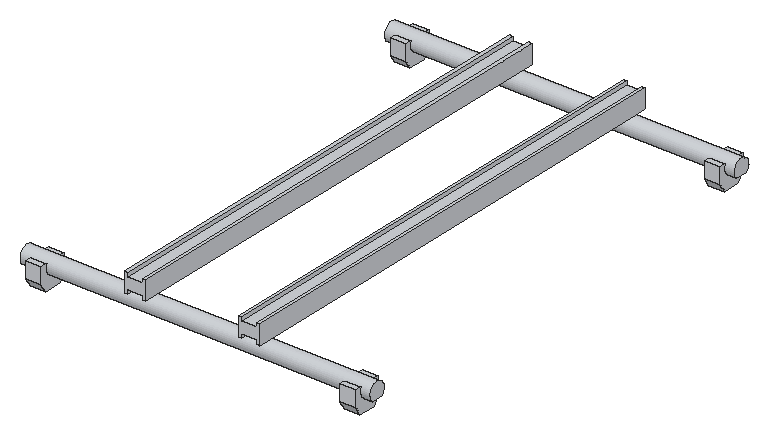
Revit family "Monkey Toe Condenser Mounts (Standard Non-Adustable)", category Mechanical Equipment, host Roof, Revit 2015
Parameters (values of type "Single Condenser Mount")
  URL = "http://www.monkeytoe.co.nz/products/condenser-mounts"
  Model = "CS003H SINGLE CONDENSER MOUNT NON-ADJUSTABLE TO SUIT A CONDENSER UNIT OF UP TO 150KG"
  Manufacturer = "Monkey Toe Systems Limited"  # constant formula
  Length Calcs 2 [instance] = (roundup(((Length Calcs / 1 mm) - 1200) / 1200) * 1200) + 1200  # 1200
  Toe Spacing Array [instance] = if(Toe Spacing Logic < 2 mm, 2 mm, Toe Spacing Logic) / 1 mm  # 2
  Toe Spacing Logic [instance] = roundup(Length Final / Toe Spacing) * 1 mm  # 1 mm
  Toe Spacing = 1200 mm  # constant formula
  Number of Mounts [instance] = 2
  Top Rail Spacing [instance] = 300 mm
  Perlin Spacing [instance] = 1200 mm
  Top Rail Offset [instance] = ((Top Rail Spacing * Number of Mounts) / 2) - (Top Rail Spacing / 2)  # 150 mm
  Length Final [instance] = if(Length Calcs > 1200 mm, Length Calcs 2 * 1 mm, Length Calcs)  # 922 mm
  Length Calcs [instance] = if(Length < 1200 mm, 922 mm, Length)  # 922 mm
  Length [instance] = 966 mm
  Toe Offset = 47 mm  # constant formula
  Strut Vertical Offset [instance] = (Slope Calculation Horizontal + 10 mm) - Vector1 Vertical  # -27 mm
  Roof Thickness [instance] = 219 mm
  Vector1 Horizontal [instance] = sin(Roof Angle) * 37 mm  # 0 mm
  Vector1 Vertical [instance] = cos(Roof Angle) * 37 mm  # 37 mm
  Vector2 Vertical [instance] = cos(Roof Angle) * 18 mm  # 18 mm
  Vector2 Horizontal [instance] = sin(Roof Angle) * 18 mm  # 0 mm
  Roof Offset Calculation [instance] = Roof Thickness / cos(Roof Angle)  # 219 mm
  Slope Calculation Vertical [instance] = cos(Roof Angle) * Rail Length  # 1200 mm
  Slope Calculation Horizontal [instance] = cos(90.00° - Roof Angle) * Rail Length  # 0 mm
  Rail Length [instance] = if(Perlin Spacing > 2500 mm, 2500 mm, Perlin Spacing)  # 1200 mm
  Half Length [instance] = Length Final / 2  # 461 mm
  Edge Offset = 120 mm  # constant formula
  Roof Angle [instance] = 0.00°  # constant formula
Types (2, lengths in mm): name | Model | Length Calcs 2 | Toe Spacing Array | Toe Spacing Logic | Number of Mounts | Top Rail Spacing | Top Rail Offset | Length Final | Length Calcs | Length | Half Length
  Single Condenser Mount | "CS003H SINGLE CONDENSER MOUNT NON-ADJUSTABLE TO SUIT A CONDENSER UNIT OF UP TO 150KG" | 1200 | 2 | 1 | 2 | 300 | 150 | 922 | 922 | 966 | 461
  Stepped Condenser Mount | "CS004H BANKED CONDENSER MOUNT NON-ADJUSTABLE TO SUIT A CONDENSER UNIT OF UP TO 150KG" | 3600 | 3 | 3 | 5 | 700 | 1400 | 3600 | 3600 | 3600 | 1800
Reference planes
  plane 1 "Center (Front/Back)": y = 0
  plane 2 "Roof": z = 4474.087
  plane 3 "Center (Left/Right)": x = 1199
  plane 4: z = 4693.087
  plane 5: y = 1200
  plane 6: y = 0
  plane 7: y = 1200
  plane 8: z = 4730.087
  plane 9: x = 277
  plane 10: z = 4693.087
  plane 11: z = 4730.087
  plane 12: z = 4748.087
  plane 13: x = 1032
  plane 14: y = 0
  plane 15: z = 4858.87
  plane 16: y = 1200
  plane 17: z = 4748.087
  plane 18: x = 1152
  plane 19: x = 324
  plane 20: x = 7798.5
  plane 21: x = 6598.5
  plane 22: x = 738
  plane 23: x = 888
  plane 24: x = -1801
  plane 25: x = 588
  plane 26: z = 4771.087
Lines and regions (mm)
  reference lines
    curve 1: line (1152, 0, 4693.087) -> (1152, 0, 4858.87)
    curve 2: line (324, 0, 4858.87) -> (324, 0, 4693.087)
Dimensions and locks
  equal spacing: host sketch curve, plane 3 "Center (Left/Right)", host sketch curve
  equal spacing: host sketch curve, plane 1 "Center (Front/Back)", host sketch curve
  "Vector1 Horizontal": plane 6 to plane 1 "Center (Front/Back)"
  "Slope Calculation Vertical": plane 5 to plane 1 "Center (Front/Back)"
  "Vector1 Horizontal": plane 7 to plane 5
  "Vector1 Vertical": plane 8 to plane 4
  "Length Final": plane 3 "Center (Left/Right)" to plane 9
  "Vector1 Vertical": plane 11 to plane 10
  plane 10 to nested 2 = 37 mm
  "Roof Offset Calculation": plane 10 to plane 2 "Roof"
  nested 3 to plane 6 = 37 mm
  "Toe Offset": plane 18 to plane 3 "Center (Left/Right)"
  "Vector2 Horizontal": plane 14 to plane 6
  "Vector2 Vertical": plane 12 to plane 11
  "Vector2 Horizontal": plane 16 to plane 7
  "Vector2 Vertical": plane 17 to plane 8
  "Slope Calculation Horizontal": plane 10 to plane 4
  "Edge Offset": plane 13 to plane 18
  "Toe Offset": plane 9 to plane 19
  plane 18 to plane 19 = 828 mm
  "Perlin Spacing": plane 20 to plane 21
  group 3 to group 2 = 828 mm
  group 2 to group 3 = 0 mm  (x2)
  group 5 to group 4 = 828 mm
  group 4 to group 5 = 0 mm  (x2)
  "Half Length": plane 3 "Center (Left/Right)" to plane 22
  "Top Rail Offset": plane 22 to plane 23
  "Top Rail Spacing": plane 23 to plane 25
  group 7 to group 6 = 300 mm
  group 6 to group 7 = 0 mm  (x2)
  plane 26 to plane 10 = 78 mm
  aligned and locked: level to plane 2 "Roof"
  aligned and locked: nested 1 to plane 3 "Center (Left/Right)"
  aligned and locked: plane 7 to nested 1
  aligned and locked: nested 1 to plane 8
  aligned and locked: plane 1 "Center (Front/Back)" to nested 4
  aligned and locked: nested 4 to plane 18
  aligned and locked: nested 6 to plane 18
  aligned and locked: plane 10 to nested 4
  aligned and locked: plane 4 to nested 6
  aligned and locked: plane 5 to nested 6
  aligned and locked: plane 19 to curve 2
  aligned and locked: plane 4 to curve 2
  aligned and locked: plane 18 to curve 1
  aligned and locked: nested 2 to plane 3 "Center (Left/Right)"
  aligned and locked: plane 19 to nested 7
  aligned and locked: nested 4 to nested 7
  aligned and locked: nested 7 to plane 10
  aligned and locked: plane 19 to nested 8
  aligned and locked: nested 8 to nested 6
  aligned and locked: nested 6 to nested 8
  aligned and locked: plane 23 to nested 3
  aligned and locked: nested 2 to plane 11
  aligned and locked: plane 6 to nested 2
  aligned and locked: plane 25 to nested 9
Automatic sketch dimensions
  curve 1 to plane 15 = 0 mm
  curve 1 to plane 4 = 0 mm
  curve 2 to plane 15 = 0 mm
Nested families
  nested 1: "Family4" at (1199, 1200, 4730.087) x (0, -1, 0) z (0, 0, 1), type "Family4"
    with Length 922 mm, Angle 0.00°
  nested 2: "Family4" at (1199, 0, 4730.087) x (0, -1, 0) z (0, 0, 1), type "Family4"
    with Length 922 mm, Angle 0.00°
  nested 3: "Family5" at (860, 37, 4751.087), type "Family5"
  nested 4: "AC Block" at (1152, 0, 4693.087) x (0, -1, 0) z (0, 0, 1), type "AC Block"
    with Angle 0.00°
  nested 5: "AC Block" at (-515.294, 965.926, 4441.994) x (0, -1, 0) z (0, 0, 1), type "AC Block", not visible
    with Angle 0.00°
  nested 6: "AC Block" at (1152, 1200, 4693.087) x (0, -1, 0) z (0, 0, 1), type "AC Block"
    with Angle 0.00°
  nested 7: "AC Block" at (324, 0, 4693.087) x (0, -1, 0) z (0, 0, 1), type "AC Block"
    with Angle 0.00°
  nested 8: "AC Block" at (324, 1200, 4693.087) x (0, -1, 0) z (0, 0, 1), type "AC Block"
    with Angle 0.00°
  nested 9: "Family5" at (560, 37, 4751.087), type "Family5"
Definition of nested family "Family4"
  Parameters (values of type "Family4")
    Length = 340 mm
    Angle = 33.00°
    Profile Radius = 23 mm
  Reference planes
    plane 1 "Center (Front/Back)": y = 0
    plane 2: z = 0
    plane 3 "Center (Left/Right)": x = 0
    plane 4: y = -340
  Forms (mm)
    Extrusion 1, solid
      sketch origin (0, 0, 0) x (1, 0, 0) y (0, 0, 1)
        loop
          line (-11.741, -7.625) -> (11.741, 7.625)
          arc (11.741, 7.625) -> (-22.465, 34.594) -> (-11.741, -7.625) r 23
      from 0 to 340
  Lines and regions (mm)
    reference lines
      curve 1: line (0, 0, 0) -> (-855.574, 0, -555.616)
      curve 2: line (0, 0, 0) -> (102.397, 0, 0)
  Dimensions and locks
    Extrusion 1 sketch curve to Extrusion 1 sketch curve = 28 mm
    curve 1 to Extrusion 1 sketch curve = 14 mm
    "Length": plane 4 to plane 1 "Center (Front/Back)"
    "Profile Radius": radius of Extrusion 1 sketch curve
    "Angle": angle plane 2 to curve 1
    aligned and locked: level to plane 2
    aligned and locked: Extrusion 1 sketch curve to curve 1
    aligned and locked: curve 2 to level
    aligned and locked: plane 3 "Center (Left/Right)" to curve 2
    aligned and locked: Extrusion 1 to plane 4
  Automatic sketch dimensions
    plane 3 "Center (Left/Right)" to curve 2 = 102.397 mm
Definition of nested family "Family5"
  Parameters (values of type "Family5")
    Width = 56 mm
    Offset = 1200 mm
    Internal Offset = 8 mm
    Height = 90 mm
    H Offset = 15 mm
    Extension Length Int = Extension Length - 37 mm  # -37 mm
    Extension Length = 0 mm
    Depth = 1200 mm
  Reference planes
    plane 1 "Center (Front/Back)": y = 0
    plane 2: z = 0
    plane 3 "Center (Left/Right)": x = 0
    plane 4: y = 1200
    plane 5: x = 56
    plane 6: z = 90
    plane 7: y = 1163
    plane 8: z = 45
    plane 9: y = -37
    plane 10: x = 48
    plane 11: x = 8
    plane 12: z = 60
    plane 13: z = 30
    plane 14: z = 45
  Forms (mm)
    Extrusion 1, solid
      sketch origin (0, 0, 0) x (1, 0, 0) y (0, 0, 1)
        loop
          line (0, 20) -> (8, 20) -> (8, 30) -> (48, 30) -> (48, 20) -> (56, 20) -> (56, 70) -> (48, 70) -> (48, 60) -> (8, 60) -> (8, 70) -> (0, 70) -> (0, 20)
      from 69.724 to -1200
  Lines and regions (mm)
    reference lines
      curve 1: line (0, -37, 105) -> (0, -37, 45)
      curve 2: line (0, -37, 45) -> (0, -79.492, 45)
      curve 3: line (28, -116.337, 0) -> (28, 33.663, 0)
  Dimensions and locks
    "Width": plane 3 "Center (Left/Right)" to plane 5
    "Depth": plane 1 "Center (Front/Back)" to plane 4
    "Height": plane 6 to plane 2
    equal spacing: plane 6, plane 8, plane 2
    locked: plane 9 to plane 1 "Center (Front/Back)" at 37
    "Internal Offset": plane 10 to plane 5
    "Internal Offset": plane 11 to plane 3 "Center (Left/Right)"
    "H Offset": plane 12 to plane 8
    "H Offset": plane 8 to plane 13
    "Offset": plane 7 to plane 9
    plane 8 to plane 2 = 45 mm
    "Extension Length": plane 8 to plane 14
    equal spacing: plane 11, curve 3, plane 10
    Extrusion 1 sketch curve to Extrusion 1 sketch curve = 50 mm
    plane 8 to Extrusion 1 sketch curve = 25 mm
    Extrusion 1 sketch curve to plane 8 = 25 mm
    aligned and locked: level to plane 2
    aligned and locked: plane 4 to Extrusion 1
    aligned and locked: plane 5 to Extrusion 1 sketch curve
    aligned and locked: plane 3 "Center (Left/Right)" to Extrusion 1 sketch curve
    aligned and locked: Extrusion 1 sketch curve to plane 12
    aligned and locked: Extrusion 1 sketch curve to Extrusion 1 sketch curve  (x2)
  Automatic sketch dimensions
    curve 2 to plane 8 = 0 mm
    curve 1 to plane 9 = 0 mm
    curve 2 to curve 1 = 42.492 mm
    plane 6 to curve 1 = 15 mm
    curve 3 to plane 9 = 79.337 mm
    curve 3 to plane 1 "Center (Front/Back)" = 33.663 mm
    plane 11 to Extrusion 1 sketch curve = 0 mm  (x2)
    Extrusion 1 sketch curve to plane 10 = 0 mm  (x2)
    plane 5 to Extrusion 1 sketch curve = 0 mm
    Extrusion 1 sketch curve to plane 13 = 0 mm
Definition of nested family "AC Block"
  Parameters (values of type "AC Block")
    Length/2 = Length / 2  # 20 mm
    Length = 40 mm
    Angle = 15.00°
    Profile Radius = 23 mm
  Reference planes
    plane 1 "Center (Front/Back)": y = 0
    plane 2: z = 0
    plane 3 "Center (Left/Right)": x = 0
    plane 4: y = -20
    plane 5: y = 20
  Forms (mm)
    Extrusion 1, solid
      sketch origin (0, 0, 0) x (1, 0, 0) y (0, 0, 1)
        loop
          line (-21.25, -5.694) -> (21.25, 5.694) -> (30.528, 30.956) -> (19.399, 72.491) -> (-53.045, 53.079) -> (-41.916, 11.545) -> (-21.25, -5.694)
      from -20 to 20
  Lines and regions (mm)
    reference lines
      curve 1: line (0, 0, 0) -> (-57.956, 0, -15.529)
      curve 2: line (0, 0, 0) -> (50, 0, 0)
  Dimensions and locks
    Extrusion 1 sketch curve to Extrusion 1 sketch curve = 44 mm
    "Length/2": plane 4 to plane 1 "Center (Front/Back)"
    curve 2 to Extrusion 1 sketch curve = 37.5 mm  (x2)
    curve 2 to Extrusion 1 sketch curve = 22 mm
    Extrusion 1 sketch curve to Extrusion 1 sketch curve = 65 mm
    Extrusion 1 sketch curve to Extrusion 1 sketch curve = 22 mm  (x2)
    "Length/2": plane 1 "Center (Front/Back)" to plane 5
    "Angle": angle plane 2 to curve 1
    aligned and locked: level to plane 2
    aligned and locked: Extrusion 1 sketch curve to curve 1
    aligned and locked: curve 2 to level
    aligned and locked: plane 3 "Center (Left/Right)" to curve 2
    aligned and locked: plane 5 to Extrusion 1
    aligned and locked: Extrusion 1 to plane 4
  Automatic sketch dimensions
    plane 3 "Center (Left/Right)" to curve 2 = 50 mm
